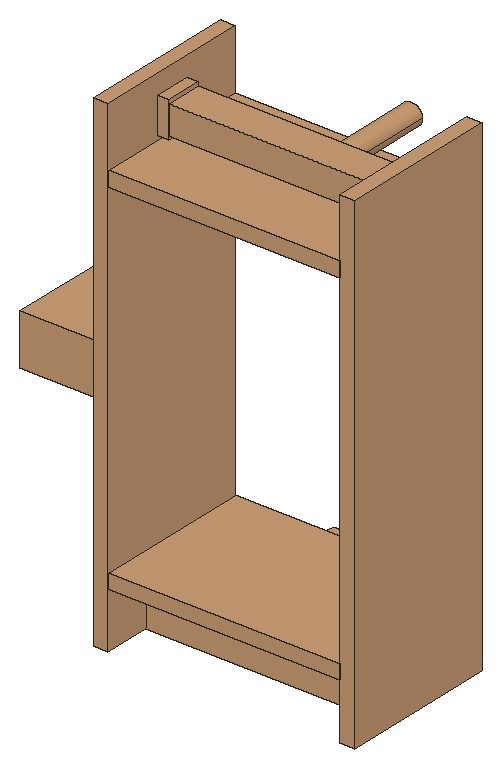
Revit family
Parameters
  Center Of Unit = 0' - 0"  # constant formula
  Water Pressure Drop [instance] = 0.00 psi
  Water Flow [instance] = 0 GPM
  Unit Weight (lbs) = 361
  URL = "http://www.ljwing.com/"
  Water Outlet Radius = 0' - 1 1/2"
  Water Outlet Odd sizes = 0' - 5 23/64"
  Total Heating Capacity [instance] = 0.0 Btu/h
  Temperature Rise [instance] = 0 °F
  Series = "VIFB"
  Outlet Area = 10.80 SF
  Number of Rows = 1  # constant formula
  Number of Coils [instance] = 0
  Nominal Length = 3' - 0 3/16"
  Model = "VC-3"
  Manufacturer = "LJ Wing"
  Leaving Water Temperature [instance] = 0 °F
  Leaving Air Temperature [instance] = 0 °F
  Face Velocity (FPM) [instance] = 0
  Entering Water Temperature [instance] = 0 °F
  Entering Air Temperature [instance] = 0 °F
  Description = "Vertical Integral Face & Bypass Water Heating Coils"
  Hot Water Odd Sizes = 0' - 5 23/64"
  Hot Water Inlet Offset = 0' - 4 3/8"  # constant formula
  Hot Water Inlet  Radius = 0' - 1 1/2"
  Coil Face Area = Outlet Area * 0.56  # 6.048 SF
  Casing Material = ""
  Assembly Code = "D3020300"
  Air Pressure Drop [instance] = 0.00 in-wg
  Air Inlet Width = Nominal Length - 0' 4"  # 2' - 8 3/16"
  Air Inlet Height = Y  # 4' - 0"
  Air Flow [instance] = 0 CFM
  Z = 0' - 3 3/4"
  Y = 4' - 0"
  S = 0' - 9 3/4"
  Product URL = "http://www.ljwing.com/html/vifb.asp"
  OmniClass = "23-75 70 21 14"
  Nominal Height = 5' - 8"
  Nominal Depth = 1' - 10"
  R = 0' - 10 1/4"
  Q = 0' - 3 3/32"
  P = 0' - 5 1/8"
  L = 0' - 5 15/16"
Reference planes (in)
  plane 1 "Center (Front/Back)": y = 0
  plane 2: z = -24
  plane 3 "Center (Left/Right)": x = 0
  plane 4: z = 34.25
  plane 5: x = -18.09375
  plane 6: x = 18.09375
  plane 7: z = -33.75
  plane 8: z = 0
  plane 9: y = -11
  plane 10: y = 11
  plane 11: z = 24
  plane 12: z = 26
  plane 13: z = -26
  plane 14: x = 16.09375
  plane 15: x = -16.09375
  plane 16: z = 29.125
  plane 17: z = -27.8125
  plane 18: x = -15
  plane 19: x = 15
  plane 20: y = 14.75
  plane 21: y = 15.375
  plane 22: x = -29.09375
  plane 23: x = 5.35938
  plane 24: x = -5.35937
  plane 25: z = 31.125
  plane 26: z = 27.125
  plane 27: y = -2.5
  plane 28: y = 2.5
  plane 29: y = -4.5
Forms (in)
  Extrusion 1, solid, material "Painted Finish"
    sketch origin (0, 6, -9.75) x (1, 0, 0) y (0, 0, 1)
      loop
        line (-18.09375, -24) -> (-16.09375, -24) -> (-16.09375, 44) -> (-18.09375, 44) -> (-18.09375, -24)
      loop
        line (18.09375, -24) -> (18.09375, 44) -> (16.09375, 44) -> (16.09375, -24) -> (18.09375, -24)
    from -5 to 17
  Extrusion 2, solid, material "Painted Finish"
    sketch origin (0, 6, 0) x (1, 0, 0) y (0, 0, 1)
      loop
        line (16.09375, -24) -> (-16.09375, -24) -> (-16.09375, -26) -> (16.09375, -26) -> (16.09375, -24)
      loop
        line (16.09375, 24) -> (16.09375, 26) -> (-16.09375, 26) -> (-16.09375, 24) -> (16.09375, 24)
    from -5 to 17
  Extrusion 3, solid, material "Painted Finish"
    sketch origin (0, 10, -0.5) x (1, 0, 0) y (0, 0, 1)
      loop
        line (-18.09375, 4) -> (-29.09375, 4) -> (-29.09375, -3) -> (-18.09375, -3) -> (-18.09375, 4)
    from 0 to 20
  Extrusion 4, solid, material "Painted Finish"
    sketch origin (0, 6, 0) x (1, 0, 0) y (0, 0, 1)
      loop
        line (-14.46875, 31.125) -> (-14.46875, 27.125) -> (14.46875, 27.125) -> (14.46875, 31.125) -> (-14.46875, 31.125)
    from 3.5 to 8.5
  Extrusion 5, solid, material "Painted Finish"
    sketch origin (0, 0, 0) x (1, 0, 0) y (0, 0, 1)
      loop
        line (-14.46875, 26.625) -> (-14.46875, 31.625) -> (-16.09375, 31.625) -> (-16.09375, 26.625) -> (-14.46875, 26.625)
      loop
        line (16.09375, 26.625) -> (16.09375, 31.625) -> (14.46875, 31.625) -> (14.46875, 26.625) -> (16.09375, 26.625)
    from -2.5 to 2.5
  Extrusion 6, solid, material "Painted Finish"
    sketch origin (0, 23, 0) x (1, 0, 0) y (0, 0, 1)
      loop
        circle (5.35938, 29.125) r 1.5
    from 8.25 to 20.5
  Extrusion 7, solid, material "Painted Finish"
    sketch origin (0, 6, 0) x (1, 0, 0) y (0, 0, 1)
      loop
        line (-16.09375, -26) -> (-16.09375, -33.75) -> (16.09375, -33.75) -> (16.09375, -26) -> (-16.09375, -26)
    from -5 to 10.5
  Extrusion 8, solid, material "Painted Finish"
    sketch origin (0, 23, 0) x (1, 0, 0) y (0, 0, 1)
      loop
        circle (-5.35937, -27.8125) r 1.5
    from 7.625 to 12
  Extrusion 9, void
    sketch origin (0, 0, 0) x (1, 0, 0) y (0, 0, 1)
      loop
        line (-16.09375, 24) -> (-16.09375, -24) -> (16.09375, -24) -> (16.09375, 24) -> (-16.09375, 24)
    from -11 to 11
Cuts and joins
  Extrusion 9 cuts Extrusion 1
  Extrusion 9 cuts Extrusion 2
Dimensions and locks (in)
  "Nominal Length": plane 6 to plane 5
  equal spacing: plane 6, plane 3 "Center (Left/Right)", plane 5
  "S": plane 2 to plane 7
  "Nominal Depth": plane 10 to plane 9
  equal spacing: plane 10, plane 1 "Center (Front/Back)", plane 9
  "Y": plane 11 to plane 2
  "R": plane 4 to plane 11
  locked: plane 12 to plane 11 at 2
  locked: plane 2 to plane 13 at 2
  "P": plane 4 to plane 16
  "L": plane 17 to plane 7
  "Q": plane 18 to plane 5
  "Q": plane 6 to plane 19
  "Z": plane 20 to plane 10
  "Hot Water Inlet Offset": plane 21 to plane 10
  locked: plane 5 to plane 22 at 11
  locked: Extrusion 3 sketch curve to Extrusion 3 sketch curve at 7
  locked: Extrusion 3 to Extrusion 3 at 20
  locked: plane 6 to plane 14 at 2
  locked: plane 15 to plane 5 at 2
  "Water Outlet Odd sizes": plane 23 to plane 3 "Center (Left/Right)"
  "Hot Water Odd Sizes": plane 3 "Center (Left/Right)" to plane 24
  equal spacing: plane 25, plane 16, plane 26
  locked: Extrusion 5 sketch curve to plane 25 at 0.5
  locked: plane 26 to Extrusion 5 sketch curve at 0.5
  locked: Extrusion 6 sketch curve to plane 16 at 0
  locked: Extrusion 6 sketch curve to plane 23 at 0
  locked: Extrusion 8 sketch curve to plane 17 at 0
  locked: Extrusion 8 sketch curve to plane 24 at 0
  locked: plane 25 to plane 26 at 4
  locked: plane 28 to plane 27 at 5
  equal spacing: plane 28, plane 1 "Center (Front/Back)", plane 27
  locked: plane 27 to plane 29 at 2
  plane 4 to plane 7 = 5' - 8"
  locked: Extrusion 5 sketch curve to Extrusion 1 at 1.625
  locked: Extrusion 5 sketch curve to Extrusion 5 sketch curve at 1.625
  locked: Extrusion 9 sketch curve to plane 11 at 0
  locked: Extrusion 9 sketch curve to plane 15 at 0
  locked: Extrusion 9 sketch curve to plane 14 at 0
  locked: Extrusion 9 sketch curve to plane 2 at 0
  equal spacing: plane 11, plane 8, plane 2
  "Water Outlet Radius": radius of Extrusion 6 sketch curve
  "Hot Water Inlet  Radius": radius of Extrusion 8 sketch curve
  aligned and locked: Extrusion 1 to plane 9
  aligned and locked: Extrusion 1 to plane 10
  aligned and locked: plane 15 to Extrusion 1
  aligned and locked: Extrusion 1 to plane 14
  aligned and locked: Extrusion 2 to plane 9
  aligned and locked: plane 9 to Extrusion 1
  aligned and locked: plane 10 to Extrusion 1  (x2)
  aligned and locked: Extrusion 2 to plane 10
  aligned and locked: plane 10 to Extrusion 2  (x2)
  aligned and locked: plane 9 to Extrusion 2  (x2)
  aligned and locked: plane 5 to Extrusion 3
  aligned and locked: Extrusion 5 sketch curve to plane 15
  aligned and locked: Extrusion 5 sketch curve to Extrusion 4
  aligned and locked: Extrusion 6 to plane 20
  aligned and locked: Extrusion 1 to Extrusion 7
  aligned and locked: Extrusion 8 to plane 10
  aligned and locked: plane 21 to Extrusion 8
  aligned and locked: plane 27 to Extrusion 5
  aligned and locked: Extrusion 5 to Extrusion 4  (x2)
  aligned and locked: Extrusion 5 to plane 28
  aligned and locked: Extrusion 6 to Extrusion 4
  aligned and locked: Extrusion 7 to plane 29  (x2)
  aligned and locked: Extrusion 8 to Extrusion 7
  aligned and locked: Extrusion 4 to Extrusion 5  (x2)
  aligned and locked: Extrusion 5 to Extrusion 1  (x2)
  aligned and locked: plane 2 to Extrusion 2
  aligned and locked: plane 6 to Extrusion 1 sketch curve
  aligned and locked: plane 14 to Extrusion 1 sketch curve
  aligned and locked: Extrusion 1 sketch curve to plane 15
  aligned and locked: Extrusion 1 sketch curve to plane 5
  aligned and locked: plane 7 to Extrusion 1 sketch curve  (x2)
  aligned and locked: Extrusion 1 sketch curve to plane 4  (x2)
  aligned and locked: Extrusion 2 sketch curve to plane 11
  aligned and locked: Extrusion 2 sketch curve to plane 12
  aligned and locked: Extrusion 2 sketch curve to plane 14  (x2)
  aligned and locked: Extrusion 2 sketch curve to plane 15  (x2)
  aligned and locked: Extrusion 2 sketch curve to plane 13
  aligned and locked: plane 2 to Extrusion 2 sketch curve
  aligned and locked: plane 13 to Extrusion 7 sketch curve
  aligned and locked: Extrusion 7 sketch curve to plane 7
  aligned and locked: Extrusion 7 sketch curve to plane 14
  aligned and locked: plane 15 to Extrusion 7 sketch curve
  aligned and locked: cut or joined group of Extrusion 1, Extrusion 9 to plane 10
  aligned and locked: Extrusion 8 to plane 21
Automatic sketch dimensions
  Extrusion 3 sketch curve to plane 22 = 0' - 0"
  Extrusion 3 sketch curve to plane 5 = 0' - 0"
  plane 8 to Extrusion 3 sketch curve = 0' - 3 1/2"
  Extrusion 4 sketch curve to plane 25 = 0' - 0"
  Extrusion 4 sketch curve to plane 26 = 0' - 0"
  plane 18 to Extrusion 4 sketch curve = 0' - 0 17/32"
  Extrusion 4 sketch curve to plane 19 = 0' - 0 17/32"
  plane 26 to Extrusion 5 sketch curve = 0' - 0 1/2"
  Extrusion 5 sketch curve to plane 25 = 0' - 0 1/2"
Connectors (in)
  hvac at (0, -11, 0), driven by "Air Inlet Height", driven by "Air Inlet Width", driven by "Air Flow", driven by "Air Pressure Drop"
    settings: on Extrusion 9, index 1
  hvac at (0, 11, 0), driven by "Air Pressure Drop", driven by "Air Inlet Height", driven by "Air Inlet Width", driven by "Air Flow"
    settings: on Extrusion 9, index 2
  piping at (5.35938, 14.75, 29.125), driven by "Water Flow", driven by "Water Outlet Radius", driven by "Water Pressure Drop"
    settings: on Extrusion 6, index 3
  piping at (-5.35937, 15.375, -27.8125), driven by "Water Flow", driven by "Water Pressure Drop", driven by "Hot Water Inlet  Radius"
    settings: on Extrusion 8, index 4
